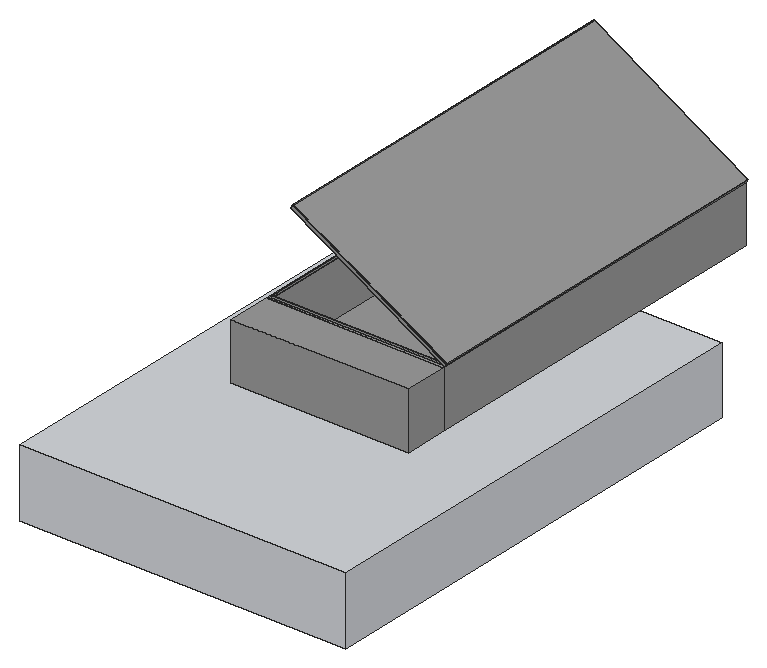
Revit family "Hager-Univers-IP55-D275-H1900-Cl.I-Steel_encl-CH-fr", category Equipement électrique, Revit 2020
Family settings
  Hôte = Face
  Configuration du panneau = Deux colonnes, circuits au sein
  Cote de connecteur circulaire = Utiliser le diamètre
  Type d'élément = Tableau de raccordement
  Couper avec des vides une fois chargée = Non
  Partagée = Non
  Point de calcul de pièce = Non
Parameters (values of type "installation au sol IP55 L800 H1900 P275  - FR13E2")
  Width Control [instance] = if([EF000008 - largeur] > Min Width, [EF000008 - largeur], Min Width)  # 800 mm
  Commentaires du type = [HG000003 - Gamme]  # "Univers"
  Thickness Door [instance] = if([EF009171 - épaisseur de matériau de la porte/du couvercle] > 3 mm, 3 mm, [EF009171 - épaisseur de matériau de la porte/du couvercle])  # 1.5 mm
  Seal Frame Offset [instance] = 17 mm  # constant formula
  Plinth Visibility [instance] = [HG000027 - Hauteur du socle] > 0 mm  # yes
  Model = ""
  Min Width [instance] = 100 mm  # constant formula
  Min Height [instance] = 100 mm  # constant formula
  Min Depth [instance] = (2 * [EF009170 - épaisseur de matériau du boîtier]) + 1 mm  # 4 mm
  Internal Frame Depth [instance] = (Door System Depth * 0.5)  # 9 mm
  Height Control [instance] = if([EF000040 - hauteur] > Min Height, [EF000040 - hauteur], Min Height)  # 1900 mm
  HG000027 - Hauteur du socle = 200 mm
  HG000026 - Installation au sol = yes
  HG000024 - Hauteur de la section basse = 800 mm
  HG000023 - Armoire double section = no
  HG000016 - Visibilité de la porte 3D [instance] = yes
  HG000015 - Visibilité de l'emprise de la porte [instance] = no
  HG000014 - Porte à droite [instance] = yes
  HG000013 - Porte à gauche [instance] = not([HG000014 - Porte à droite])  # no
  HG000012 - Angle de pivotement de la porte [instance] = 30.00°
  HG000010 - Portes asymétriques = no
  HG000009 - Porte à double battant = no
  HG000006 - Encastré = no
  HG000004 - Référence fabricant = "FR13E2"
  HG000003 - Gamme = "Univers"
  HG000002 - avec porte = yes
  Frame Offset Bottom [instance] = 10 mm  # constant formula
  Frame Offset [instance] = 15 mm  # constant formula
  EF015940 - couvercle avec décharge de pression = no
  EF011959 - degré de protection (NEMA) = ""
  EF009554 - nombre d'ouvertures pour plaques à bride = 6
  Fabricant = "Hager"  # constant formula
  EF009212 - finition du couvercle = "EV000116 - fermé"
  EF009171 - épaisseur de matériau de la porte/du couvercle = 1.5 mm
  EF009170 - épaisseur de matériau du boîtier = 1.5 mm
  EF008873 - courant nominal (In) = 800 A
  EF007800 - adapté à un parafoudre = no
  EF006306 - avec serrure = no
  EF006244 - couvercle/porte transparent(e) = no
  EF005474 - indice de protection (IP) = "EV006420 - IP55"
  EF004464 - type de porte = "EV002646 - unique"
  EF004427 - nombre de modules = 396
  EF004293 - indice de protection contre les chocs (IK) = "EV008784 - IK10"
  EF003532 - convient pour utilisation à l’extérieur = no
  EF002950 - largeur en nombre de modules = 24
  EF001613 - maintien de fonction = "EV000494 - sans"
  EF001596 - matériau du boîtier/corps = "EV000179 - acier"
  EF001131 - profondeur intérieure = 275 mm
  EF001088 - possibilité de montage en saillie = yes
  EF000437 - nombre d'entrées de conduit = 6
  EF000339 - type de capot = "EV004216 - porte"
  EF000266 - nombre de rangées = 11
  EF000218 - profondeur d'encastrement = 0 mm
  EF000118 - avec cadre/support de montage = no
  EF000116 - numéro RAL = "7035"
  EF000049 - profondeur = 275 mm
  EF000040 - hauteur = 1900 mm
  EF000008 - largeur = 800 mm
  EF000007 - couleur = "EV000270 - gris"
  EF000003 - mode de pose = "EV012274 - installation au sol"
  Door System Leaf Tolerance [instance] = 1.5 mm  # constant formula
  Door System Depth [instance] = 18 mm  # constant formula
  Door Height [instance] = Height Control - [HG000027 - Hauteur du socle]  # 1700 mm
  Depth Control [instance] = if([EF000049 - profondeur] > Min Depth, [EF000049 - profondeur], Min Depth)  # 275 mm
  Default Elevation = 0 mm
  Connector Offset [instance] = Height Control / 2  # 950 mm
  Bottom Top Plate Trim [instance] = 1.5 mm  # constant formula
  Plinth height Ctrl [instance] = if([HG000027 - Hauteur du socle] > 0 mm, [HG000027 - Hauteur du socle], 12 mm)  # 200 mm
Types (5, lengths in mm): name | Width Control | HG000010 - Portes asymétriques | HG000009 - Porte à double battant | HG000004 - Référence fabricant | EF009554 - nombre d'ouvertures pour plaques à bride | EF004464 - type de porte | EF004427 - nombre de modules | EF000437 - nombre d'entrées de conduit | EF000008 - largeur
  installation au sol IP55 L1050 H1900 P275  - FR14E2 | 1050 | yes | yes | "FR14E2" | 8 | "EV003602 - double" | 528 | 8 | 1050
  installation au sol IP55 L1300 H1900 P275  - FR15E2 | 1300 | yes | yes | "FR15E2" | 10 | "EV003602 - double" | 660 | 10 | 1300
  installation au sol IP55 L300 H1900 P275  - FR11E2 | 300 | no | no | "FR11E2" | 2 | "EV002646 - unique" | 132 | 2 | 300
  installation au sol IP55 L550 H1900 P275  - FR12E2 | 550 | no | no | "FR12E2" | 4 | "EV002646 - unique" | 264 | 4 | 550
  installation au sol IP55 L800 H1900 P275  - FR13E2 | 800 | no | no | "FR13E2" | 6 | "EV002646 - unique" | 396 | 6 | 800
Reference planes
  plane 1 "Center (Front/Back)": y = 0
  plane 2: z = 0
  plane 3 "Center (Left/Right)": x = 0
  plane 4: z = 275
  plane 5: y = 201.5
  plane 6: y = 1050
  plane 7: y = 200
  plane 8: y = 1900
  plane 9: z = 0
  plane 10: x = -385
  plane 11: x = 385
  plane 12: x = 383.5
  plane 13: x = -383.5
  plane 14: y = 1898.5
  plane 15: x = -383
  plane 16: x = -400
  plane 17: x = 383
  plane 18: x = 400
  plane 19: x = 398.5
  plane 20: x = -398.5
  plane 21: y = 211.5
  plane 22: y = 1900
  plane 23: y = 1883.5
  plane 24: z = 257
  plane 25: z = 1.5
  plane 26: z = 255.5
  plane 27: z = 273.5
Forms (mm)
  Extrusion 1, solid
    sketch origin (0, 0, 0) x (1, 0, 0) y (0, 1, 0)
      loop
        line (-702.964, 1305) -> (-702.964, -811.445) -> (766.763, -811.445) -> (766.763, 1305) -> (-702.964, 1305)
    from 0 to -304.8
  Extrusion 2, solid, material "Hager_Steel_RAL7035_Light_Grey", visible <- "Plinth Visibility", detail levels medium+fine
    sketch origin (0, 0, 0) x (1, 0, 0) y (0, 1, 0)
      loop
        line (-400, 0) -> (400, 0) -> (400, 200) -> (-400, 200) -> (-400, 0)
    from 0 to 257
  Extrusion 3, solid, material "Hager_Steel_RAL7035_Light_Grey", detail levels medium+fine
    sketch origin (0, 0, 0) x (1, 0, 0) y (0, 1, 0)
      loop
        line (-400, 200) -> (400, 200) -> (400, 1900) -> (-400, 1900) -> (-400, 200)
    from 0 to 257
  Extrusion 4, void
    sketch origin (0, 0, 0) x (1, 0, 0) y (0, 1, 0)
      loop
        line (-398.5, 201.5) -> (398.5, 201.5) -> (398.5, 1898.5) -> (-398.5, 1898.5) -> (-398.5, 201.5)
    from 1.5 to 255.5
  Extrusion 5, void
    sketch origin (-381.607, -4572, 257) x (0, -1, 0) y (-1, 0, 0)
      loop
        line (-4783.5, 1.893) -> (-6455.5, 1.893) -> (-6455.5, -765.107) -> (-4783.5, -765.107) -> (-4783.5, 1.893)
    from 0 to 1.5 <- "EF009170 - épaisseur de matériau du boîtier"
  Extrusion 6, solid, material "Hager_Steel_RAL7035_Light_Grey", detail levels fine
    sketch origin (0, 0, 257) x (1, 0, 0) y (0, 1, 0)
      loop
        line (-383.5, 1883.5) -> (-383.5, 211.5) -> (383.5, 211.5) -> (383.5, 1883.5) -> (-383.5, 1883.5)
      loop
        line (-385, 210) -> (385, 210) -> (385, 1885) -> (-385, 1885) -> (-385, 210)
    from 0 to 9 <- "Internal Frame Depth"
  Extrusion 7, solid, material "Hager_Steel_RAL7035_Light_Grey", detail levels coarse
    sketch origin (0, 0, 0) x (1, 0, 0) y (0, 1, 0)
      loop
        line (-400, 0) -> (400, 0) -> (400, 1900) -> (-400, 1900) -> (-400, 0)
    from 0 to 275
  Sweep 8, void
    path in 3D
      loop
        line (-400, 200, 0) -> (400, 200, 0) -> (400, 200, 257) -> (-400, 200, 257) -> (-400, 200, 0)
    profile origin (-400, 200, 128.5) x (-1, 0, 0) y (0, -1, 0)
      loop
        line (0, 0) -> (0, 1.5) -> (-1.5, 1.5)
        arc (-1.5, 1.5) -> (-1.061, 0.439) -> (0, 0) r 1.5
Cuts and joins
  Extrusion 4, Extrusion 5 cuts Extrusion 3
  Sweep 8 cuts Extrusion 2
Lines and regions (mm)
  Masking region 1
    outline origin (0, 0, 0) x (1, 0, 0) y (0, 0, 1)
      loop
        line (-400, 275) -> (-400, 0) -> (400, 0) -> (400, 275) -> (-400, 275)
  Masking region 2, detail levels medium+fine
    outline origin (0, 140, 0) x (0, 1, 0) y (0, 0, 1)
      loop
        line (60, 0) -> (1760, 0) -> (1760, 257) -> (60, 257) -> (60, 0)
  Masking region 3, not visible, detail levels medium+fine
    outline origin (0, 297.922, 0) x (0, 1, 0) y (0, 0, 1)
      loop
        line (763.578, 0) -> (803.578, 0) -> (803.578, 263.5)
        arc (803.578, 263.5) -> (800.649, 270.571) -> (793.578, 273.5) r 10
        line (793.578, 273.5) -> (763.578, 273.5) -> (763.578, 0)
  Masking region 4, detail levels coarse
    outline origin (0, 0, 180) x (0, 1, 0) y (0, 0, 1)
      loop
        line (0, -180) -> (1900, -180) -> (1900, 95) -> (0, 95) -> (0, -180)
  Masking region 5, visible <- "Plinth Visibility", detail levels medium+fine
    outline origin (0, 52.24, 12.345) x (0, 0, -1) y (0, 1, 0)
      loop
        line (10.845, 147.76) -> (-243.155, 147.76)
        arc (-243.155, 147.76) -> (-243.594, 146.699) -> (-244.655, 146.26) r 1.5
        line (-244.655, 146.26) -> (-244.655, -52.24) -> (12.345, -52.24) -> (12.345, 146.26)
        arc (12.345, 146.26) -> (11.285, 146.699) -> (10.845, 147.76) r 1.5
  Masking region 6, detail levels medium+fine
    outline origin (-381.607, -4572, 257) x (-1, 0, 0) y (0, -1, 0)
      loop
        line (18.393, -6472) -> (18.393, -4772) -> (-781.607, -4772) -> (-781.607, -6472) -> (18.393, -6472)
  Masking region 7, visible <- "Plinth Visibility", detail levels medium+fine
    outline origin (-381.607, -4727, 257) x (-1, 0, 0) y (0, -1, 0)
      loop
        arc (16.893, -4927) -> (17.332, -4925.939) -> (18.393, -4925.5) r 1.5
        line (18.393, -4925.5) -> (18.393, -4727) -> (-781.607, -4727) -> (-781.607, -4925.5)
        arc (-781.607, -4925.5) -> (-780.546, -4925.939) -> (-780.107, -4927) r 1.5
        line (-780.107, -4927) -> (16.893, -4927)
  Masking region 8, detail levels coarse
    outline origin (-442.548, -4669.526, 257) x (-1, 0, 0) y (0, -1, 0)
      loop
        line (-42.548, -6569.526) -> (-42.548, -4669.526) -> (-842.548, -4669.526) -> (-842.548, -6569.526) -> (-42.548, -6569.526)
  sketch lines
    curve 1: line (-400, 200, 257) -> (-400, 200, 0)
    curve 2: line (400, 200, 257) -> (-400, 200, 257)
    curve 3: line (400, 200, 257) -> (400, 200, 0)
    curve 4: line (-400, 200, 0) -> (400, 200, 0)
Dimensions and locks
  "Depth Control": plane 4 to Extrusion 1
  "HG000027 - Hauteur du socle": plane 1 "Center (Front/Back)" to plane 7
  "EF009170 - épaisseur de matériau du boîtier": plane 5 to plane 7
  locked: connector elem to plane 3 "Center (Left/Right)"
  equal spacing: plane 8, plane 6, plane 7
  locked: connector elem to plane 6
  "EF009170 - épaisseur de matériau du boîtier": plane 8 to plane 14
  "EF009170 - épaisseur de matériau du boîtier": plane 10 to plane 13
  "EF009170 - épaisseur de matériau du boîtier": plane 12 to plane 11
  "Frame Offset": plane 20 to plane 13
  "Frame Offset": plane 12 to plane 19
  "EF009170 - épaisseur de matériau du boîtier": plane 16 to plane 20
  "EF009170 - épaisseur de matériau du boîtier": plane 19 to plane 18
  "Seal Frame Offset": plane 16 to plane 15
  "Seal Frame Offset": plane 17 to plane 18
  "Frame Offset Bottom": plane 21 to plane 5
  "Frame Offset": plane 14 to plane 23
  equal spacing: plane 16, plane 3 "Center (Left/Right)", plane 18
  "Width Control": plane 16 to plane 18
  "EF009170 - épaisseur de matériau du boîtier": plane 4 to plane 27
  "EF009170 - épaisseur de matériau du boîtier": plane 24 to plane 26
  "EF009170 - épaisseur de matériau du boîtier": plane 25 to level
  "Door System Depth": plane 4 to plane 24
  "Height Control": plane 1 "Center (Front/Back)" to Extrusion 7 sketch curve
  "Height Control": Masking region 4 sketch curve to plane 1 "Center (Front/Back)"
  "Height Control": plane 1 "Center (Front/Back)" to plane 22
  "Bottom Top Plate Trim": profile plane to Sweep 8 sketch curve
  "Bottom Top Plate Trim": Sweep 8 sketch curve to profile plane
  "Plinth height Ctrl": plane 1 "Center (Front/Back)" to Extrusion 2 sketch curve
  "Plinth height Ctrl": Masking region 5 sketch curve to plane 1 "Center (Front/Back)"
  "Plinth height Ctrl": plane 1 "Center (Front/Back)" to Masking region 7 sketch curve
  "Thickness Door": Extrusion 6 sketch curve to Extrusion 6 sketch curve  (x3)
  "Thickness Door": cut or joined group of Extrusion 3, Extrusion 4, Extrusion 5 to Extrusion 6 sketch curve
  radius of Masking region 3 sketch curve = 10 mm
  "Bottom Top Plate Trim": radius of Masking region 5 sketch curve  (x2)
  "Bottom Top Plate Trim": radius of Sweep 8 sketch curve
  "Bottom Top Plate Trim": radius of Masking region 7 sketch curve  (x2)
  aligned and locked: plane 2 to Extrusion 1
  aligned and locked: level to Extrusion 1
  aligned and locked: level to Masking region 1 sketch curve
  aligned and locked: Masking region 1 sketch curve to plane 18
  aligned and locked: Masking region 1 sketch curve to plane 16
  aligned and locked: plane 7 to Masking region 2 sketch curve
  aligned and locked: level to Masking region 3 sketch curve
  aligned and locked: Masking region 3 sketch curve to plane 27
  aligned and locked: level to Masking region 2 sketch curve
  aligned and locked: plane 1 "Center (Front/Back)" to Extrusion 2 sketch curve
  aligned and locked: Extrusion 3 sketch curve to plane 7
  aligned and locked: plane 16 to Extrusion 3 sketch curve
  aligned and locked: plane 18 to Extrusion 3 sketch curve
  aligned and locked: plane 20 to Extrusion 4 sketch curve
  aligned and locked: plane 19 to Extrusion 4 sketch curve
  aligned and locked: Extrusion 4 sketch curve to plane 5
  aligned and locked: Extrusion 4 to plane 25
  aligned and locked: plane 26 to Extrusion 4
  aligned and locked: plane 24 to Extrusion 3
  aligned and locked: Extrusion 5 sketch curve to plane 21
  aligned and locked: Extrusion 5 sketch curve to plane 13
  aligned and locked: Extrusion 5 sketch curve to plane 12
  aligned and locked: plane 18 to Extrusion 7 sketch curve
  aligned and locked: plane 1 "Center (Front/Back)" to Extrusion 7 sketch curve
  aligned and locked: plane 16 to Extrusion 7 sketch curve
  aligned and locked: plane 4 to Extrusion 7
  aligned and locked: Extrusion 7 to level
  aligned and locked: level to Masking region 4 sketch curve
  aligned and locked: Masking region 4 sketch curve to plane 1 "Center (Front/Back)"
  aligned and locked: Masking region 4 sketch curve to plane 4
  aligned and locked: nested 1 to level
  aligned and locked: nested 1 to plane 16
  aligned and locked: plane 8 to Extrusion 3 sketch curve
  aligned and locked: plane 23 to Extrusion 5 sketch curve
  aligned and locked: plane 14 to Extrusion 4 sketch curve
  aligned and locked: Masking region 2 sketch curve to plane 8
  aligned and locked: level to Masking region 5 sketch curve
  aligned and locked: plane 16 to Extrusion 2 sketch curve
  aligned and locked: plane 18 to Extrusion 2 sketch curve
  aligned and locked: Masking region 5 sketch curve to plane 24
  aligned and locked: Masking region 2 sketch curve to plane 24
  aligned and locked: plane 24 to Extrusion 2
  aligned and locked: profile plane to Sweep 8 sketch curve  (x2)
  aligned and locked: Masking region 6 sketch curve to plane 18
  aligned and locked: Masking region 6 sketch curve to plane 22
  aligned and locked: Masking region 6 sketch curve to plane 16
  aligned and locked: plane 8 to plane 22
  aligned and locked: Masking region 6 sketch curve to plane 7
  aligned and locked: Masking region 7 sketch curve to plane 16
  aligned and locked: Masking region 7 sketch curve to plane 1 "Center (Front/Back)"
  aligned and locked: Masking region 7 sketch curve to plane 18
  aligned and locked: Masking region 8 sketch curve to plane 1 "Center (Front/Back)"
  aligned and locked: Masking region 8 sketch curve to plane 18
  aligned and locked: Masking region 8 sketch curve to plane 22
  aligned and locked: Masking region 8 sketch curve to plane 16
  aligned and locked: nested 2 to plane 7
  aligned and locked: plane 3 "Center (Left/Right)" to nested 2
  aligned and locked: nested 2 to plane 24
  aligned and locked: Extrusion 6 sketch curve to cut or joined group of Extrusion 3, Extrusion 4, Extrusion 5  (x4)
Automatic sketch dimensions
  Extrusion 1 sketch curve to Extrusion 1 sketch curve = 1469.727 mm
  Extrusion 1 sketch curve to Extrusion 1 sketch curve = 2116.445 mm
  Masking region 1 sketch curve to plane 4 = 0 mm
  plane 6 to Masking region 3 sketch curve = 11.5 mm
  Masking region 3 sketch curve to Masking region 3 sketch curve = 30 mm
  Masking region 5 sketch curve to plane 1 "Center (Front/Back)" = 0 mm
Nested families
  nested 1: "Hager_Enclosure_Symbol" at (-400, 0, 0) x (1, 0, 0) z (0, -1, 0), Height <- "Depth Control", Width <- "Width Control", type "Hager_Enclosure_Symbol"
    with Width_Ctrl 800 mm, Width 800 mm, Height_Ctrl 275 mm, Height 275 mm, A_Width_Int 18.047 mm, A_Width 216.562 mm, A_Height_Ctrl 240.625 mm, A_Height 240.625 mm
  nested 2: "EC000058_Univers_Door" at (0, 200, 257) x (1, 0, 0) z (0, 1, 0), Leaf_Tolerance <- "Door System Leaf Tolerance", Angle <- "HG000012 - Angle de pivotement de la porte", Door_Depth <- "Door System Depth", Door_Left <- "HG000013 - Porte à gauche", Transparent <- "EF006244 - couvercle/porte transparent(e)", Assymetrical <- "HG000010 - Portes asymétriques", Width <- "Width Control", Clearance <- "HG000015 - Visibilité de l'emprise de la porte", Double <- "HG000009 - Porte à double battant", 3d_Door <- "HG000016 - Visibilité de la porte 3D", Lock_Visibility <- "EF006306 - avec serrure", Width_Ctrl <- "Width Control", Door_Right <- "HG000014 - Porte à droite", Door <- "HG000002 - avec porte", Height <- "Door Height", Thickness <- "Thickness Door", type "EC000058_Univers_Door", detail levels medium+fine
    with min_wh 4 mm, Width_Ctrl 800 mm, Width 800 mm, Transparent no, Thickness 1.5 mm, Seal_Material Hager_Rubber, Lock_Visibility no, Lock_Material Hager_Plastic_RAL9005_Jet_Black, Leaf_Width 800 mm, Leaf_Tolerance_External_Sides 0 mm, Leaf_Tolerance 1.5 mm, Leaf_Offset 0 mm, Leaf_Height 1697 mm, Leaf_2_Width 800 mm, Leaf_2_Offset 400 mm, Leaf_1_Width 800 mm, Leaf_1_Offset 400 mm, Height_Ctrl 1700 mm, Height 1700 mm, Glass_Material Hager_Glass, Double_Clearance_Ctrl no, Double no, Door_Right_Ctrl yes, Door_Right yes, Door_Material Hager_Steel_RAL7035_Light_Grey, Door_Left_Ctrl no, Door_Left no, Door_Depth 18 mm, Door yes, Clearance_Material Hager_Clearance, Clearance_Depth 800 mm, Clearance_Ctrl no, Clearance no, Assymetrical no, Angle 30.00°, 3d_Door yes
Connectors
  electrical at (0, 1050, 0)
    settings: on plane 9, index 1, voltage 0 V, apparent load 0 VA, apparent load phase1 0 VA, apparent load phase2 0 VA, apparent load phase3 0 VA, power factor 1, load classification "Other", number of poles 1, system type 30, power factor state 1, is connector primary yes, connector utility no, sub classification motor no, connector description ""
Definition of nested family "EC000058_Univers_Door"
  Parameters (values of type "EC000058_Univers_Door")
    min_wh [instance] = (2 * Thickness) + 1 mm  # 11 mm
    Width_Ctrl [instance] = 400 mm
    Width [instance] = 500 mm
    Transparent [instance] = yes
    Thickness [instance] = 5 mm
    Seal_Material [instance] = none
    Lock_Visibility [instance] = yes
    Lock_Material [instance] = none
    Leaf_Width [instance] = if((Width_Ctrl - 2 * Leaf_Tolerance_External_Sides) > 0 mm, (Width_Ctrl - 2 * Leaf_Tolerance_External_Sides), min_wh)  # 400 mm
    Leaf_Tolerance_External_Sides [instance] = 0 mm  # constant formula
    Leaf_Tolerance [instance] = 1.5 mm
    Leaf_Offset [instance] = 0 mm  # constant formula
    Leaf_Height [instance] = if((Height_Ctrl - 2 * Leaf_Tolerance) > 0 mm, (Height_Ctrl - 2 * Leaf_Tolerance), min_wh)  # 497 mm
    Leaf_2_Width [instance] = if(and(and(Double, Assymetrical), Door_Left), (Leaf_Width / 3) - (Leaf_Tolerance / 2), if(and(and(Double, Assymetrical), Door_Right), (Leaf_Width / 3) * 2 - (Leaf_Tolerance / 2), if(and(Double, not(Assymetrical)), (Leaf_Width / 2) - Leaf_Tolerance, Leaf_Width)))  # 400 mm
    Leaf_2_Offset [instance] = if(and(Double, Assymetrical), Leaf_2_Width / 2, if(and(Double, not(Assymetrical)), Leaf_Width / 4, Leaf_Width / 2))  # 200 mm
    Leaf_1_Width [instance] = if(and(and(Double, Assymetrical), Door_Right), (Leaf_Width / 3) - (Leaf_Tolerance / 2), if(and(and(Double, Assymetrical), Door_Left), (Width / 3) * 2 - (Leaf_Tolerance / 2), if(and(Double, not(Assymetrical)), (Leaf_Width / 2) - Leaf_Tolerance, Leaf_Width)))  # 400 mm
    Leaf_1_Offset [instance] = if(and(Double, Assymetrical), Leaf_1_Width / 2, if(and(Double, not(Assymetrical)), Leaf_Width / 4, Leaf_Width / 2))  # 200 mm
    Height_Ctrl [instance] = if(Height > min_wh, Height, min_wh)  # 500 mm
    Height [instance] = 500 mm
    Glass_Material [instance] = none
    Double_Clearance_Ctrl [instance] = and(Double, Clearance)  # no
    Double [instance] = no
    Door_Right_Ctrl [instance] = and(or(Door_Right, Double), Door)  # yes
    Door_Right [instance] = yes
    Door_Material [instance] = none
    Door_Left_Ctrl [instance] = and(or(Door_Left, Double), Door)  # no
    Door_Left [instance] = no
    Door_Depth [instance] = 30 mm
    Door [instance] = yes
    Default Elevation = 1219.2 mm
    Clearance_Material [instance] = none
    Clearance_Depth [instance] = if(Leaf_1_Width > Leaf_2_Width, Leaf_1_Width, Leaf_2_Width)  # 400 mm
    Clearance_Ctrl [instance] = and(not(Double), Clearance)  # yes
    Clearance [instance] = yes
    Assymetrical [instance] = yes
    Angle [instance] = 30.00°
    3d_Door [instance] = yes
  Reference planes
    plane 1 "Center (Front/Back)": y = 0
    plane 2 "Bottom": z = 0
    plane 3 "Center (Left/Right)": x = 0
    plane 4: z = 500
    plane 5: x = -200
    plane 6: x = 200
    plane 7: z = 500
    plane 8: x = -200
    plane 9: z = 0
    plane 10: x = 200
    plane 11: y = 0
    plane 12: z = 1.5
    plane 13: x = -600
    plane 14: y = -400
    plane 15: x = 600
    plane 16: x = 0
    plane 17: x = 0
    plane 18: x = -200
    plane 19: x = 200
    plane 20: z = 498.5
  Forms (mm)
    Extrusion 1, solid, material <- "Clearance_Material", visible <- "Double_Clearance_Ctrl"
      sketch origin (1200, 0, 0) x (1, 0, 0) y (0, 0, -1)
        loop
          line (-1800, -498.5) -> (-600, -498.5) -> (-600, 0) -> (-1800, 0) -> (-1800, -498.5)
      from 0 to -400
  Dimensions and locks
    equal spacing: plane 5, plane 3 "Center (Left/Right)", plane 6
    "Width_Ctrl": plane 5 to plane 6
    "Leaf_Offset": plane 5 to plane 8
    "Leaf_Offset": plane 6 to plane 10
    "Leaf_Offset": plane 9 to level
    "Leaf_Offset": plane 4 to plane 7
    "Height_Ctrl": plane 4 to level
    "Leaf_Tolerance": plane 12 to plane 9
    locked: plane 11 to plane 1 "Center (Front/Back)"
    "Leaf_1_Offset": plane 18 to plane 16
    "Leaf_2_Offset": plane 17 to plane 19
    "Leaf_1_Width": plane 13 to plane 8
    "Leaf_2_Width": plane 10 to plane 15
    "Clearance_Depth": plane 14 to plane 1 "Center (Front/Back)"
    "Leaf_Tolerance_External_Sides": plane 8 to plane 18
    "Leaf_Tolerance_External_Sides": plane 19 to plane 10
    "Leaf_Tolerance": plane 7 to plane 20
    aligned and locked: level to plane 2 "Bottom"
    aligned and locked: nested 1 to plane 16
    aligned and locked: nested 2 to plane 17
    aligned and locked: Extrusion 1 to plane 13
    aligned and locked: plane 15 to Extrusion 1
    aligned and locked: Extrusion 1 to plane 14
    aligned and locked: plane 12 to nested 1
    aligned and locked: nested 2 to plane 12
    aligned and locked: Extrusion 1 to plane 11
    aligned and locked: plane 20 to Extrusion 1
    aligned and locked: nested 2 to plane 11
    aligned and locked: nested 1 to plane 11
  Automatic sketch dimensions
    Extrusion 1 sketch curve to level = 0 mm
    plane 5 to Extrusion 1 sketch curve = 400 mm
    plane 6 to Extrusion 1 sketch curve = 400 mm
    Extrusion 1 sketch curve to plane 4 = 1.5 mm
  Nested families
    nested 1: "EC000058_Univers_Door_Leaf" at (0, 0, 1.5), Width <- "Leaf_1_Width", visible <- "Door_Left_Ctrl", Leaf_Height <- "Leaf_Height", Angle <- "Angle", 3d_Door <- "3d_Door", Transparent <- "Transparent", Clearance Material <- "Clearance_Material", Clearance <- "Clearance_Ctrl", Door_Material <- "Door_Material", Glass_Material <- "Glass_Material", Door_Depth <- "Door_Depth", Lock_Material <- "Lock_Material", Seal_Material <- "Seal_Material", Lock_Visibility <- "Lock_Visibility", Thickness <- "Thickness", type "EC000058_Univers_Door_Leaf"
      with Width 400 mm, Transparent_Glass_Offset 30 mm, Transparent_Ctrl yes, Transparent yes, Thickness 5 mm, Standard no, Seal_Material none, Seal_D2 8 mm, Seal_D1 1 mm, Offset_Internal_Frame 10 mm, Lock_Width 20 mm, Lock_Visibility_3d yes, Lock_Visibility yes, Lock_Thickness_3 3 mm, Lock_Thickness_2 1 mm, Lock_Thickness_1 3 mm, Lock_Radius_Offset_2 16 mm, Lock_Radius_Offset_1 15 mm, Lock_Radius_2 5 mm, Lock_Radius 6 mm, Lock_Offset 5 mm, Lock_Material none, Lock_Height 80 mm, Lock_Cover_Top_Offset_2d 17 mm, Lock_Cover_Height -65 mm, Leaf_Height 497 mm, Internal_Seal_Thickness 8 mm, Internal_Seal_Depth_2 4.5 mm, Internal_Frame_Depth 25 mm, Glass_Thickness -1 mm, Glass_Offset -2 mm, Glass_Material none, Door_Material none, Door_Depth 30 mm, Clearance Material none, Clearance yes, Angle_Ctrl 30.00°, Angle 30.00°, 3d_Door yes
    nested 2: "EC000058_Univers_Door_Leaf" at (0, 0, 1.5) x (-1, 0, 0) z (0, 0, 1), Width <- "Leaf_2_Width", visible <- "Door_Right_Ctrl", Leaf_Height <- "Leaf_Height", Angle <- "Angle", 3d_Door <- "3d_Door", Transparent <- "Transparent", Clearance Material <- "Clearance_Material", Clearance <- "Clearance_Ctrl", Door_Material <- "Door_Material", Glass_Material <- "Glass_Material", Door_Depth <- "Door_Depth", Lock_Material <- "Lock_Material", Seal_Material <- "Seal_Material", Lock_Visibility <- "Lock_Visibility", Thickness <- "Thickness", type "EC000058_Univers_Door_Leaf"
      with Width 400 mm, Transparent_Glass_Offset 30 mm, Transparent_Ctrl yes, Transparent yes, Thickness 5 mm, Standard no, Seal_Material none, Seal_D2 8 mm, Seal_D1 1 mm, Offset_Internal_Frame 10 mm, Lock_Width 20 mm, Lock_Visibility_3d yes, Lock_Visibility yes, Lock_Thickness_3 3 mm, Lock_Thickness_2 1 mm, Lock_Thickness_1 3 mm, Lock_Radius_Offset_2 16 mm, Lock_Radius_Offset_1 15 mm, Lock_Radius_2 5 mm, Lock_Radius 6 mm, Lock_Offset 5 mm, Lock_Material none, Lock_Height 80 mm, Lock_Cover_Top_Offset_2d 17 mm, Lock_Cover_Height -65 mm, Leaf_Height 497 mm, Internal_Seal_Thickness 8 mm, Internal_Seal_Depth_2 4.5 mm, Internal_Frame_Depth 25 mm, Glass_Thickness -1 mm, Glass_Offset -2 mm, Glass_Material none, Door_Material none, Door_Depth 30 mm, Clearance Material none, Clearance yes, Angle_Ctrl 30.00°, Angle 30.00°, 3d_Door yes
  Definition of nested family "EC000058_Univers_Door_Leaf"
    Parameters (values of type "EC000058_Univers_Door_Leaf")
      Width [instance] = 2000 mm
      Transparent_Glass_Offset [instance] = 30 mm
      Transparent_Ctrl [instance] = and(Transparent, [3d_Door])  # yes
      Transparent [instance] = yes
      Thickness [instance] = 5 mm
      Standard [instance] = and(not(Transparent), [3d_Door])  # no
      Seal_Material [instance] = none
      Seal_D2 [instance] = 8 mm  # constant formula
      Seal_D1 [instance] = 1 mm  # constant formula
      Offset_Internal_Frame [instance] = 10 mm  # constant formula
      Lock_Width [instance] = 20 mm  # constant formula
      Lock_Visibility_3d [instance] = and(Lock_Visibility, [3d_Door])  # yes
      Lock_Visibility [instance] = yes
      Lock_Thickness_3 [instance] = 3 mm  # constant formula
      Lock_Thickness_2 [instance] = 1 mm  # constant formula
      Lock_Thickness_1 [instance] = 3 mm  # constant formula
      Lock_Radius_Offset_2 [instance] = Lock_Radius_Offset_1 + 1 mm  # 16 mm
      Lock_Radius_Offset_1 [instance] = 15 mm  # constant formula
      Lock_Radius_2 [instance] = Lock_Radius - 1 mm  # 5 mm
      Lock_Radius [instance] = 6 mm  # constant formula
      Lock_Offset [instance] = 5 mm  # constant formula
      Lock_Material [instance] = none
      Lock_Height [instance] = 80 mm  # constant formula
      Lock_Cover_Top_Offset_2d [instance] = Lock_Radius_Offset_2 + 1 mm  # 17 mm
      Lock_Cover_Height [instance] = -(Lock_Height - Lock_Radius_Offset_1)  # -65 mm
      Leaf_Height [instance] = 2720.336 mm
      Internal_Seal_Thickness [instance] = 8 mm  # constant formula
      Internal_Seal_Depth_2 [instance] = 4.5 mm  # constant formula
      Internal_Frame_Depth [instance] = if(Door_Depth - Thickness > 5 mm, Door_Depth - Thickness, 5 mm)  # 25 mm
      Glass_Thickness [instance] = if(Thickness > 15 mm, Glass_Offset + 10 mm, -1 mm)  # -1 mm
      Glass_Offset [instance] = if(Thickness > 15 mm, -(Thickness + 10 mm) / 2, -2 mm)  # -2 mm
      Glass_Material [instance] = none
      Door_Material [instance] = none
      Door_Depth [instance] = 30 mm
      Default Elevation = 0 mm
      Clearance Material [instance] = none
      Clearance [instance] = yes
      Angle_Ctrl [instance] = if(Angle > 180.00°, 180.00°, Angle)  # 90.00°
      Angle [instance] = 90.00°
      3d_Door [instance] = yes
    Reference planes
      plane 1 "Center (Front/Back)": y = 0
      plane 2: z = 0
      plane 3 "Center (Left/Right)": x = 0
      plane 4: y = 2000
      plane 5: x = -1000
      plane 6: x = 1000
      plane 7: x = -3000
      plane 8: z = 2720.336
      plane 9: z = 30
      plane 10: z = 2690.336
      plane 11: x = 970
      plane 12: x = -970
      plane 13: y = -3
      plane 14: z = 107.833
      plane 15: y = -5
      plane 16: y = -223.314
      plane 17: x = -1000
      plane 18: z = 1360.168
      plane 19: y = 30
    Forms (mm)
      Extrusion 1, solid, material <- "Clearance Material", visible <- "Clearance"
        sketch origin (0, 0, 0) x (1, 0, 0) y (0, 0, 1)
          loop
            line (-3000, 2720.336) -> (-3000, 0) -> (1000, 0) -> (1000, 2720.336) -> (-3000, 2720.336)
        from 0 to -2000
      Extrusion 2, solid, material <- "Door_Material", visible <- "Standard", detail levels medium+fine
        sketch origin (-1000, 0, 0) x (0, 1, 0) y (-1, 0, 0)
          loop
            line (0, 30) -> (0, 25) -> (2000, 25) -> (2000, 30) -> (0, 30)
        from 0 to 2720.336 <- "Leaf_Height"
      Extrusion 3, solid, material <- "Door_Material", visible <- "Transparent_Ctrl", detail levels medium+fine
        sketch origin (-1000, 0, 0) x (0, 1, 0) y (-1, 0, 0)
          loop
            line (0, 25) -> (2000, 25) -> (2000, 30) -> (0, 30) -> (0, 25)
        from 0 to 2720.336 <- "Leaf_Height"
      Extrusion 4, void
        sketch origin (-1025, 2000, 0) x (0, 1, 0) y (0, 0, -1)
          loop
            line (-30, -2690.336) -> (-30, -30) -> (-1970, -30) -> (-1970, -2690.336) -> (-30, -2690.336)
        from 0 to 5 <- "Thickness"
      Sweep 5, solid, material <- "Seal_Material", visible <- "Transparent_Ctrl", detail levels fine
        path in 3D
          loop
            line (-1025, 30, 30) -> (-1025, 30, 2690.336) -> (-1025, 1970, 2690.336) -> (-1025, 1970, 30) -> (-1025, 30, 30)
        profile origin (-1025, 1000, 30) x (1, 0, 0) y (0, 0, 1)
          loop
            line (0, 0) -> (0, -8) -> (1, -8) -> (1, 0) -> (0, 0)
      Extrusion 6, solid, material <- "Glass_Material", visible <- "Transparent_Ctrl", detail levels medium+fine
        sketch origin (-1030, 0, 0) x (0, 1, 0) y (0, 0, -1)
          loop
            line (1970, -2690.336) -> (1970, -30) -> (30, -30) -> (30, -2690.336) -> (1970, -2690.336)
        from -2 <- "Glass_Offset" to -1 <- "Glass_Thickness"
      Extrusion 7, solid, material <- "Door_Material", visible <- "3d_Door", detail levels medium+fine
        sketch origin (-1025, 2000, 0) x (0, -1, 0) y (0, 0, -1)
          loop
            line (0, -2720.336) -> (2000, -2720.336) -> (2000, 0) -> (0, 0) -> (0, -2720.336)
          loop
            line (1995, -5) -> (5, -5) -> (5, -2715.336) -> (1995, -2715.336) -> (1995, -5)
        from 0 to 25 <- "Internal_Frame_Depth"
      Sweep 8, solid, material <- "Seal_Material", visible <- "Transparent_Ctrl", detail levels fine
        path in 3D
          loop
            line (-1025, 0, 0) -> (-1025, 2000, 0) -> (-1025, 2000, 2720.336) -> (-1025, 0, 2720.336) -> (-1025, 0, 0)
        profile origin (-1025, 0, 1360.168) x (1, 0, 0) y (0, 1, 0)
          loop
            line (0, 10) -> (2.975, 10)
            arc (2.975, 10) -> (4.053, 10.447) -> (4.5, 11.525) r 1.525
            line (4.5, 11.525) -> (4.5, 16.527)
            arc (4.5, 16.527) -> (4.069, 17.569) -> (3.027, 18) r 1.473
            line (3.027, 18) -> (0, 18) -> (0, 10)
      Extrusion 9, solid, material <- "Lock_Material", visible <- "Lock_Visibility_3d", detail levels fine
        sketch origin (-1030, 0, 0) x (0, 1, 0) y (0, 0, -1)
          loop
            arc (1993.5, -1400.168) -> (1994.561, -1399.729) -> (1995, -1398.668) r 1.5
            line (1995, -1398.668) -> (1995, -1320.168) -> (1975, -1320.168) -> (1975, -1398.668)
            arc (1975, -1398.668) -> (1975.439, -1399.729) -> (1976.5, -1400.168) r 1.5
            line (1976.5, -1400.168) -> (1993.5, -1400.168)
        from 3 <- "Lock_Thickness_1" to 0
      Blend 10, solid, material <- "Lock_Material", visible <- "Lock_Visibility_3d", detail levels fine
        base sketch origin (-1033, 0, 0) x (0, 1, 0) y (0, 0, -1)
          loop
            line (1975, -1320.168) -> (1975, -1398.668)
            arc (1975, -1398.668) -> (1975.439, -1399.729) -> (1976.5, -1400.168) r 1.5
            line (1976.5, -1400.168) -> (1993.5, -1400.168)
            arc (1993.5, -1400.168) -> (1994.561, -1399.729) -> (1995, -1398.668) r 1.5
            line (1995, -1398.668) -> (1995, -1320.168) -> (1975, -1320.168)
        top sketch origin (-1033, 0, 0) x (0, 1, 0) y (0, 0, -1)
          loop
            line (1976, -1320.168) -> (1976, -1398.668)
            arc (1976, -1398.668) -> (1976.146, -1399.022) -> (1976.5, -1399.168) r 0.5
            line (1976.5, -1399.168) -> (1993.5, -1399.168)
            arc (1993.5, -1399.168) -> (1993.854, -1399.022) -> (1994, -1398.668) r 0.5
            line (1994, -1398.668) -> (1994, -1320.168) -> (1976, -1320.168)
        from 0 to 1 <- "Lock_Thickness_2"
      Blend 11, solid, material <- "Lock_Material", visible <- "Lock_Visibility_3d", detail levels fine
        base sketch origin (-1034, 0, 0) x (0, 1, 0) y (0, 0, -1)
          loop
            line (1978, -1320.168) -> (1978, -1384.168)
            arc (1978, -1384.168) -> (1985, -1391.168) -> (1992, -1384.168) r 7
            line (1992, -1384.168) -> (1992, -1320.168) -> (1978, -1320.168)
        top sketch origin (-1034, 0, 0) x (0, 1, 0) y (0, 0, -1)
          loop
            line (1991, -1320.168) -> (1979, -1320.168) -> (1979, -1383.168)
            arc (1979, -1383.168) -> (1985, -1389.168) -> (1991, -1383.168) r 6
            line (1991, -1383.168) -> (1991, -1320.168)
        from 0 to 3 <- "Lock_Thickness_3"
      Extrusion 12, solid, material <- "Lock_Material", visible <- "Lock_Visibility_3d", detail levels fine
        sketch origin (-1030, 1975, 1320.168) x (1, 0, 0) y (0, -1, 0)
          loop
            line (-7, -19) -> (-7, -1) -> (0, -1) -> (0, 0) -> (-8, 0) -> (-8, -20) -> (0, -20) -> (0, -19) -> (-7, -19)
        from 0 to -65 <- "Lock_Cover_Height"
      Extrusion 13, void
        sketch origin (-1038, 1995, 1320.168) x (-1, 0, 0) y (0, 0, -1)
          loop
            line (-5, -65) -> (0, -65) -> (-5, -60) -> (-5, -65)
        from 0 to 20 <- "Lock_Width"
      Extrusion 14, void
        sketch origin (-1038, 1975, 1320.168) x (0, -1, 0) y (0, 0, -1)
          loop
            circle (-10, -15.995) r 6
          loop
            circle (-10, -15.995) r 5
        from 0 to 2
      Extrusion 15, solid, material <- "Lock_Material", visible <- "Lock_Visibility_3d", detail levels medium
        sketch origin (-1030, 0, 0) x (0, 1, 0) y (0, 0, -1)
          loop
            arc (1993.5, -1400.168) -> (1994.561, -1399.729) -> (1995, -1398.668) r 1.5
            line (1995, -1398.668) -> (1995, -1320.168) -> (1975, -1320.168) -> (1975, -1398.668)
            arc (1975, -1398.668) -> (1975.439, -1399.729) -> (1976.5, -1400.168) r 1.5
            line (1976.5, -1400.168) -> (1993.5, -1400.168)
        from 8 to 0
    Cuts and joins
      Extrusion 4 cuts Extrusion 3
      Extrusion 13, Extrusion 14 cuts Extrusion 9
      Extrusion 14 cuts Blend 11
      Extrusion 13, Extrusion 14 cuts Extrusion 12
      joined: Extrusion 9, Blend 10, Blend 11, Extrusion 12
      Extrusion 14 cuts Extrusion 15
    Lines and regions (mm)
      Masking region 1, visible <- "Lock_Visibility", detail levels fine
        outline origin (0, 0, 0) x (0, 1, 0) y (0, 0, 1)
          loop
            line (30, 1320.168) -> (33, 1320.168) -> (33, 1400.168) -> (30, 1400.168) -> (30, 1320.168)
      Masking region 2, visible <- "Lock_Visibility", detail levels fine
        outline origin (0, 3.143, 0) x (0, 1, 0) y (0, 0, 1)
          loop
            line (29.857, 1354.168) -> (30.857, 1354.168) -> (30.857, 1366.168) -> (29.857, 1366.168) -> (29.857, 1354.168)
      Masking region 3, detail levels medium+fine
        outline origin (0, 0, 0) x (0, 1, 0) y (0, 0, 1)
          loop
            line (0, 0) -> (30, 0) -> (30, 2720.336) -> (0, 2720.336) -> (0, 0)
      Masking region 4, detail levels medium+fine
        outline origin (0, 0, 0) x (1, 0, 0) y (0, 0, 1)
          loop
            line (-1000, 2720.336) -> (-1000, 0) -> (1000, 0) -> (1000, 2720.336) -> (-1000, 2720.336)
      Masking region 5, visible <- "Lock_Visibility", detail levels fine
        outline origin (-47.116, 0, 0) x (1, 0, 0) y (0, 0, 1)
          loop
            arc (1024.616, 1399.168) -> (1023.556, 1398.729) -> (1023.116, 1397.668) r 1.5
            line (1023.116, 1397.668) -> (1023.116, 1320.168) -> (1041.116, 1320.168) -> (1041.116, 1397.668)
            arc (1041.116, 1397.668) -> (1040.677, 1398.729) -> (1039.616, 1399.168) r 1.5
            line (1039.616, 1399.168) -> (1024.616, 1399.168)
      Masking region 6, visible <- "Lock_Visibility", detail levels medium+fine
        outline origin (-25, 0, 0) x (1, 0, 0) y (0, 0, 1)
          loop
            arc (1001.5, 1400.168) -> (1000.439, 1399.729) -> (1000, 1398.668) r 1.5
            line (1000, 1398.668) -> (1000, 1320.168) -> (1020, 1320.168) -> (1020, 1398.668)
            arc (1020, 1398.668) -> (1019.561, 1399.729) -> (1018.5, 1400.168) r 1.5
            line (1018.5, 1400.168) -> (1001.5, 1400.168)
      Masking region 7, visible <- "Lock_Visibility", detail levels fine
        outline origin (-73.735, 0, 0) x (1, 0, 0) y (0, 0, 1)
          loop
            line (1051.735, 1382.168) -> (1065.735, 1382.168) -> (1065.735, 1384.168)
            arc (1065.735, 1384.168) -> (1058.735, 1391.168) -> (1051.735, 1384.168) r 7
            line (1051.735, 1384.168) -> (1051.735, 1382.168)
      Masking region 8, visible <- "Lock_Visibility", detail levels fine
        outline origin (-73.735, 0, 0) x (1, 0, 0) y (0, 0, 1)
          loop
            line (1052.735, 1382.168) -> (1064.735, 1382.168) -> (1064.735, 1383.168)
            arc (1064.735, 1383.168) -> (1058.735, 1389.168) -> (1052.735, 1383.168) r 6
            line (1052.735, 1383.168) -> (1052.735, 1382.168)
      Masking region 9, visible <- "Lock_Visibility", detail levels fine
        outline origin (-25, 0, 0) x (1, 0, 0) y (0, 0, 1)
          loop
            line (1020, 1320.168) -> (1020, 1382.168) -> (1000, 1382.168) -> (1000, 1320.168) -> (1020, 1320.168)
      Masking region 10, detail levels medium+fine
        outline origin (0, 0, 0) x (1, 0, 0) y (0, 0, 1)
          loop
            circle (985, 1335.144) r 6
      Masking region 11, detail levels fine
        outline origin (0, 0, 0) x (1, 0, 0) y (0, 0, 1)
          loop
            circle (985, 1335.144) r 5
      Masking region 12, visible <- "Lock_Visibility", detail levels fine
        outline origin (0, 12.767, 0) x (0, 1, 0) y (0, 0, 1)
          loop
            line (20.233, 1320.168) -> (21.233, 1320.168) -> (21.233, 1399.168) -> (20.233, 1400.168) -> (20.233, 1320.168)
      Masking region 13, visible <- "Lock_Visibility", detail levels fine
        outline origin (0, 13.767, -10) x (0, 1, 0) y (0, 0, 1)
          loop
            line (20.233, 1330.168) -> (23.233, 1330.168) -> (23.233, 1399.168) -> (20.233, 1402.168) -> (20.233, 1330.168)
      Masking region 14, visible <- "Lock_Visibility", detail levels fine
        outline origin (0, 12.767, -10) x (0, 1, 0) y (0, 0, 1)
          loop
            line (20.233, 1330.168) -> (25.233, 1330.168) -> (25.233, 1399.305) -> (20.233, 1394.305) -> (20.233, 1330.168)
      Masking region 15, visible <- "Lock_Visibility", detail levels medium
        outline origin (0, 0, 0) x (0, 1, 0) y (0, 0, 1)
          loop
            line (30, 1320.168) -> (38, 1320.168) -> (38, 1400.168) -> (30, 1400.168) -> (30, 1320.168)
      Masking region 16, visible <- "Lock_Visibility", detail levels fine
        outline origin (-1000, 0, 0) x (0, 1, 0) y (-1, 0, 0)
          loop
            line (1975, 30) -> (1995, 30) -> (1995, 38) -> (1975, 38) -> (1975, 30)
          loop
            line (1979, 37) -> (1976, 37) -> (1976, 34) -> (1978, 34) -> (1979, 37)
          loop
            line (1994, 37) -> (1991, 37) -> (1992, 34) -> (1994, 34) -> (1994, 37)
      Masking region 17, visible <- "Lock_Visibility", detail levels medium
        outline origin (-1000, 0, 0) x (0, 1, 0) y (-1, 0, 0)
          loop
            line (1975, 30) -> (1995, 30) -> (1995, 38) -> (1975, 38) -> (1975, 30)
      symbolic lines
        curve 1: line (1000, 0, 0) -> (-3000, 0, 0)
        curve 2: arc (1000, 0, 0) -> (-1000, 2000, 0) -> (-3000, 0, 0) r 2000
        curve 4: line (-1030, 0, 0) -> (-1030, 2000, 0)
      reference lines
        curve 3: line (-1000, 0, 0) -> (-1000, 2000, 0)
      symbolic lines, detail levels medium+fine
        curve 5: line (-1030, 2000, 0) -> (-1025, 2000, 0)
        curve 7: line (-1025, 0, 0) -> (-1030, 0, 0)
        curve 8: line (-1025, 0, 0) -> (-1000, 0, 0)
        curve 9: line (-1000, 0, 0) -> (-1000, 2000, 0)
        curve 10: line (-1000, 2000, 0) -> (-1025, 2000, 0)
      symbolic lines, detail levels fine
        curve 6: line (-1025, 2000, 0) -> (-1025, 0, 0)
      sketch lines
        curve 11: line (-1025, 0, 2720.336) -> (-1025, 0, 0)
        curve 12: line (-1025, 2000, 0) -> (-1025, 0, 0)
        curve 13: line (-1025, 2000, 2720.336) -> (-1025, 2000, 0)
        curve 14: line (-1025, 0, 2720.336) -> (-1025, 2000, 2720.336)
        curve 15: line (-1025, 1970, 30) -> (-1025, 30, 30)
        curve 16: line (-1025, 30, 30) -> (-1025, 30, 2690.336)
        curve 17: line (-1025, 1970, 2690.336) -> (-1025, 1970, 30)
        curve 18: line (-1025, 30, 2690.336) -> (-1025, 1970, 2690.336)
      symbolic lines, visible <- "Transparent", detail levels medium+fine
        curve 19: line (-970, 0, 2690.336) -> (970, 0, 2690.336)
        curve 20: line (-970, 0, 30) -> (-970, 0, 2690.336)
        curve 21: line (970, 0, 30) -> (-970, 0, 30)
        curve 22: line (970, 0, 2690.336) -> (970, 0, 30)
    Dimensions and locks
      "Width": plane 1 "Center (Front/Back)" to plane 4
      equal spacing: plane 5, plane 3 "Center (Left/Right)", plane 6
      "Width": plane 5 to plane 6
      "Width": plane 7 to plane 5
      "Leaf_Height": plane 8 to level
      "Width": curve 5 to curve 3
      "Width": curve 3 to curve 3
      plane 8 to plane 10 = 30 mm
      plane 9 to level = 30 mm
      plane 12 to plane 5 = 30 mm
      plane 6 to plane 11 = 30 mm
      Extrusion 1 to Extrusion 4 sketch curve = 30 mm
      "Transparent_Glass_Offset": curve 3 to Extrusion 4 sketch curve
      "Transparent_Glass_Offset": Extrusion 4 sketch curve to cut or joined group of Extrusion 3, Extrusion 4  (x2)
      cut or joined group of Extrusion 3, Extrusion 4 to Extrusion 6 sketch curve = 30 mm
      "Transparent_Glass_Offset": cut or joined group of Extrusion 3, Extrusion 4 to Extrusion 4 sketch curve
      "Thickness": curve 6 to curve 4
      "Thickness": Extrusion 7 sketch curve to Extrusion 7 sketch curve  (x4)
      "Door_Depth": curve 4 to curve 3
      "Offset_Internal_Frame": profile plane to Sweep 8 sketch curve
      "Internal_Seal_Thickness": Sweep 8 sketch curve to Sweep 8 sketch curve
      "Internal_Seal_Depth_2": profile plane to Sweep 8 sketch curve
      "Seal_D1": profile plane to Sweep 5 sketch curve
      "Seal_D2": profile plane to Sweep 5 sketch curve
      "Thickness": Extrusion 2 sketch curve to Extrusion 2 sketch curve
      equal spacing: Extrusion 9 sketch curve, plane 18, Extrusion 9 sketch curve  (x2)
      equal spacing: Masking region 1 sketch curve, plane 18, Masking region 1 sketch curve
      "Lock_Height": Masking region 1 sketch curve to Masking region 1 sketch curve
      "Lock_Radius": Masking region 2 sketch curve to plane 18 to Masking region 2 sketch curve
      Masking region 2 sketch curve to Masking region 1 = 1 mm
      "Door_Depth": plane 19 to plane 1 "Center (Front/Back)"
      "Lock_Thickness_1": Masking region 1 sketch curve to plane 19
      "Lock_Width": Extrusion 9 sketch curve to Extrusion 9 sketch curve
      "Lock_Height": Extrusion 9 sketch curve to Extrusion 9 sketch curve
      "Lock_Offset": cut or joined group of Extrusion 3, Extrusion 4 to Extrusion 9 sketch curve
      equal spacing: plane 8, plane 18, level
      "Lock_Radius_Offset_1": Blend 11 sketch curve to Blend 10
      locked: Blend 10 to Blend 11 sketch curve at 2  (x2)
      locked: var sketch to Blend 11 sketch curve at 1  (x2)
      "Lock_Radius_Offset_2": Blend 11 sketch curve to Blend 10
      locked: Extrusion 12 sketch curve to Extrusion 12 sketch curve at 1  (x3)
      Masking region 6 sketch curve to Masking region 6 sketch curve = 80 mm
      "Lock_Height": Masking region 6 sketch curve to Masking region 6 sketch curve
      "Lock_Width": Masking region 6 sketch curve to Masking region 6 sketch curve
      locked: Masking region 6 to Masking region 5 sketch curve at 1  (x3)
      locked: Masking region 5 to Masking region 7 sketch curve at 2  (x2)
      "Lock_Radius_Offset_1": Masking region 5 to Masking region 7 sketch curve
      "Lock_Radius_Offset_2": Masking region 5 to Masking region 8 sketch curve
      locked: Masking region 7 to Masking region 8 sketch curve at 1  (x2)
      "Lock_Cover_Top_Offset_2d": Masking region 5 to Masking region 9 sketch curve
      equal spacing: Masking region 9, Masking region 10 sketch curve, Masking region 9
      equal spacing: Masking region 9, Masking region 11 sketch curve, Masking region 9
      Extrusion 15 sketch curve to Extrusion 15 sketch curve = 80 mm
      "Lock_Width": Extrusion 15 sketch curve to Extrusion 15 sketch curve
      "Lock_Height": Extrusion 15 sketch curve to Extrusion 15 sketch curve
      equal spacing: Extrusion 15 sketch curve, plane 18, Extrusion 15 sketch curve
      "Lock_Thickness_3": Masking region 13 sketch curve to Masking region 13 sketch curve
      "Lock_Height": Masking region 12 sketch curve to Masking region 12 sketch curve
      locked: Masking region 13 sketch curve to Masking region 1 at 8
      locked: Masking region 14 sketch curve to Masking region 13 at 1
      locked: Masking region 14 sketch curve to Masking region 1 at 10.863
      "Lock_Height": Masking region 15 sketch curve to Masking region 15 sketch curve
      "Lock_Offset": Extrusion 15 sketch curve to cut or joined group of Extrusion 3, Extrusion 4
      "Lock_Offset": plane 6 to Masking region 6 sketch curve
      radius of Sweep 8 sketch curve = 1.525 mm
      radius of Sweep 8 sketch curve = 1.473 mm
      radius of Extrusion 9 sketch curve = 1.5 mm  (x2)
      "Lock_Radius": radius of Extrusion 14 sketch curve
      "Lock_Radius_2": radius of Extrusion 14 sketch curve
      "Lock_Radius": radius of Masking region 10 sketch curve
      "Lock_Radius_2": radius of Masking region 11 sketch curve
      radius of Extrusion 15 sketch curve = 1.5 mm  (x2)
      "Angle_Ctrl": angle plane 1 "Center (Front/Back)" to curve 3
      locked: Masking region 12 sketch curve to Masking region 12 sketch curve (angle 45.00°)
      locked: Masking region 13 sketch curve to Masking region 13 sketch curve (angle 45.00°)
      locked: Masking region 14 sketch curve to Masking region 14 sketch curve (angle 45.00°)
      aligned and locked: level to plane 2
      aligned and locked: Extrusion 1 to curve 1
      aligned and locked: plane 6 to Extrusion 1
      aligned and locked: Extrusion 1 to plane 1 "Center (Front/Back)"
      aligned and locked: plane 4 to Extrusion 1
      aligned and locked: plane 8 to Extrusion 1
      aligned and locked: curve 7 to Extrusion 2 sketch curve
      aligned and locked: curve 5 to Extrusion 2 sketch curve
      aligned and locked: curve 7 to Extrusion 3 sketch curve
      aligned and locked: Extrusion 3 sketch curve to curve 4
      aligned and locked: Extrusion 3 sketch curve to curve 6
      aligned and locked: Extrusion 3 sketch curve to curve 5
      aligned and locked: curve 9 to curve 3
      aligned and locked: Extrusion 7 sketch curve to cut or joined group of Extrusion 3, Extrusion 4  (x4)
      aligned and locked: plane 17 to curve 3
      aligned and locked: plane 1 "Center (Front/Back)" to curve 3
      aligned and locked: plane 17 to plane 5
      aligned and locked: Sweep 8 sketch curve to profile plane
      aligned and locked: Sweep 5 sketch curve to profile plane  (x2)
      aligned and locked: Masking region 1 to Masking region 2 sketch curve
      aligned and locked: plane 19 to Masking region 1 sketch curve
      aligned and locked: plane 1 "Center (Front/Back)" to Masking region 3 sketch curve
      aligned and locked: plane 19 to Masking region 3 sketch curve
      aligned and locked: level to Masking region 3 sketch curve
      aligned and locked: Masking region 3 sketch curve to plane 8
      aligned and locked: plane 17 to Masking region 4 sketch curve
      aligned and locked: level to Masking region 4 sketch curve
      aligned and locked: Masking region 4 sketch curve to plane 8
      aligned and locked: plane 12 to curve 20
      aligned and locked: plane 10 to curve 19
      aligned and locked: plane 11 to curve 22
      aligned and locked: curve 21 to plane 9
      aligned and locked: Extrusion 2 sketch curve to cut or joined group of Extrusion 3, Extrusion 4
      aligned and locked: Blend 10 sketch curve to Extrusion 9  (x4)
      aligned and locked: Extrusion 9 to Blend 10 sketch curve
      aligned and locked: Blend 10 to Blend 11 sketch curve
      aligned and locked: Extrusion 12 sketch curve to Blend 11
      aligned and locked: Extrusion 12 sketch curve to Extrusion 9  (x4)
      aligned and locked: Masking region 5 sketch curve to Masking region 6
      aligned and locked: Masking region 9 sketch curve to Masking region 6  (x3)
      aligned and locked: Masking region 12 sketch curve to Masking region 1
      aligned and locked: Masking region 13 sketch curve to Masking region 1
      aligned and locked: Masking region 12 to Masking region 14
      aligned and locked: Masking region 14 sketch curve to Masking region 1
      aligned and locked: Masking region 15 sketch curve to Masking region 14
      aligned and locked: Masking region 13 sketch curve to Masking region 12
      aligned and locked: Masking region 16 sketch curve to cut or joined group of Extrusion 14, Extrusion 15  (x4)
      aligned and locked: Masking region 16 sketch curve to cut or joined group of Extrusion 9, Blend 10, Blend 11, Extrusion 12, Extrusion 13, Extrusion 14  (x6)
      aligned and locked: cut or joined group of Extrusion 9, Blend 10, Blend 11, Extrusion 12, Extrusion 13, Extrusion 14 to Masking region 16 sketch curve
      aligned and locked: Masking region 17 sketch curve to cut or joined group of Extrusion 14, Extrusion 15  (x3)
      aligned and locked: Masking region 17 sketch curve to cut or joined group of Extrusion 9, Blend 10, Blend 11, Extrusion 12, Extrusion 13, Extrusion 14
      aligned and locked: Masking region 9 to Masking region 8 sketch curve
      aligned and locked: Masking region 9 to Masking region 7 sketch curve
    Automatic sketch dimensions
      plane 1 "Center (Front/Back)" to curve 2 = 0 mm
      curve 2 to plane 5 = 0 mm
      Extrusion 1 sketch curve to level = 0 mm
      Extrusion 1 sketch curve to plane 7 = 0 mm
      Extrusion 1 sketch curve to plane 6 = 0 mm
      Extrusion 1 sketch curve to plane 8 = 0 mm
      Extrusion 3 to Extrusion 6 sketch curve = 30 mm  (x4)
      Masking region 4 sketch curve to plane 6 = 0 mm
      Blend 10 sketch curve to Extrusion 9 = 1.5 mm
      Blend 10 sketch curve to Extrusion 9 = 1 mm
      Extrusion 13 sketch curve to Extrusion 12 = 0 mm  (x2)
      Extrusion 12 to Extrusion 13 sketch curve = 3 mm
      Extrusion 13 sketch curve to Extrusion 12 = 5 mm
      Extrusion 14 sketch curve to Extrusion 14 sketch curve = 0 mm  (x2)
      Extrusion 14 sketch curve to Extrusion 12 = 10 mm
      Extrusion 14 sketch curve to Extrusion 12 = 15.995 mm
      Masking region 5 sketch curve to Masking region 5 sketch curve = 1.5 mm  (x2)
      Masking region 10 sketch curve to plane 18 = 25.024 mm
      Masking region 11 sketch curve to plane 18 = 25.024 mm
      plane 19 to Masking region 14 sketch curve = 3 mm
      Masking region 16 sketch curve to Masking region 16 sketch curve = 3 mm
      curve 4 to curve 3 = 0 mm
      Blend 10 to Blend 11 sketch curve = 0 mm
      Masking region 6 sketch curve to Masking region 6 sketch curve = 1.5 mm  (x2)
      Masking region 6 sketch curve to plane 18 = 40 mm
      plane 19 to Masking region 12 sketch curve = 3 mm
      Masking region 12 sketch curve to Masking region 12 sketch curve = 1 mm
      Masking region 15 sketch curve to plane 19 = 0 mm
      Masking region 15 sketch curve to plane 18 = 40 mm
      radius of Blend 10 sketch curve to Extrusion 9 = 1 mm
Definition of nested family "Hager_Enclosure_Symbol"
  Parameters (values of type "Hager_Enclosure_Symbol")
    Width_Ctrl [instance] = if(Width > 1 mm, Width, 1 mm)  # 102.27 mm
    Width [instance] = 102.27 mm
    Height_Ctrl [instance] = if(Height > 1 mm, Height, 1 mm)  # 66.5 mm
    A_Width_Int [instance] = if(A_Width / 12 > 2 mm, A_Width / 12, 2 mm)  # 4.364 mm
    A_Width [instance] = if(A_Height_Ctrl * 0.9 > 2 mm, A_Height_Ctrl * 0.9, 2 mm)  # 52.369 mm
    A_Height_Ctrl [instance] = if(A_Height > 2 mm, A_Height, 2 mm)  # 58.188 mm
    Height [instance] = 66.5 mm
    A_Height [instance] = Height - (Height / 8)  # 58.188 mm
  Reference planes
    plane 1 "Centre (avant/arrière)": y = 0
    plane 2: z = 0
    plane 3 "Centre (gauche/droite)": x = 0
    plane 4: x = 52.369
    plane 5: y = 33.042
    plane 6: y = 41.77
    plane 7: y = 66.5
    plane 8: x = 26.184
    plane 9: y = 37.406
    plane 10: x = 102.27
    plane 11: y = 66.5
    plane 12: y = 8.313
  Lines and regions (mm)
    Filled region 1, type "Solid_Black", in view "Niveau de réf."
      outline origin (0, 0, 0) x (1, 0, 0) y (0, 1, 0)
        loop
          line (52.369, 66.5) -> (33.188, 54.536) -> (45.365, 45.006) -> (52.369, 66.5)
    Filled region 2, type "Solid_Black", in view "Niveau de réf."
      outline origin (0, 0, 0) x (1, 0, 0) y (0, 1, 0)
        loop
          line (0, 0) -> (102.27, 0) -> (102.27, 66.5) -> (0, 0)
    detail lines, in view "Niveau de réf."
      curve 1: line (0, 8.313, 0) -> (26.184, 41.77, 0)
      curve 2: line (26.184, 41.77, 0) -> (26.184, 33.042, 0)
      curve 3: line (26.184, 33.042, 0) -> (52.369, 66.5, 0)
  Dimensions and locks
    "A_Width": plane 3 "Centre (gauche/droite)" to plane 4
    equal spacing: plane 3 "Centre (gauche/droite)", plane 8, plane 4
    equal spacing: plane 6, plane 9, plane 5
    equal spacing: curve 3, Filled region 1 sketch curve, Filled region 1 sketch curve
    "Height_Ctrl": plane 1 "Centre (avant/arrière)" to plane 11
    "A_Height_Ctrl": plane 11 to plane 12
    equal spacing: plane 11, plane 9, plane 12
    "A_Width_Int": plane 6 to plane 9
    "Width_Ctrl": plane 3 "Centre (gauche/droite)" to plane 10
    angle Filled region 1 sketch curve to curve 3 = 20.00°
    angle curve 3 to Filled region 1 sketch curve = 20.00°
    locked: curve 3 to Filled region 1 sketch curve (angle 90.00°)
    aligned and locked: plane 10 to Filled region 2
    aligned and locked: plane 11 to Filled region 2 sketch curve
    aligned and locked: plane 10 to Filled region 2 sketch curve
    aligned and locked: plane 3 "Centre (gauche/droite)" to curve 1
    aligned and locked: plane 12 to curve 1
    aligned and locked: plane 7 to plane 11
  Automatic sketch dimensions
    Filled region 1 sketch curve to plane 4 = 0 mm
    Filled region 1 sketch curve to plane 7 = 0 mm
    plane 1 "Centre (avant/arrière)" to Filled region 2 sketch curve = 0 mm
    Filled region 2 sketch curve to plane 3 "Centre (gauche/droite)" = 0 mm
    curve 2 to plane 6 = 0 mm
    curve 2 to plane 8 = 0 mm
    curve 3 to plane 4 = 0 mm
    curve 2 to plane 5 = 0 mm
    curve 3 to plane 7 = 0 mm
